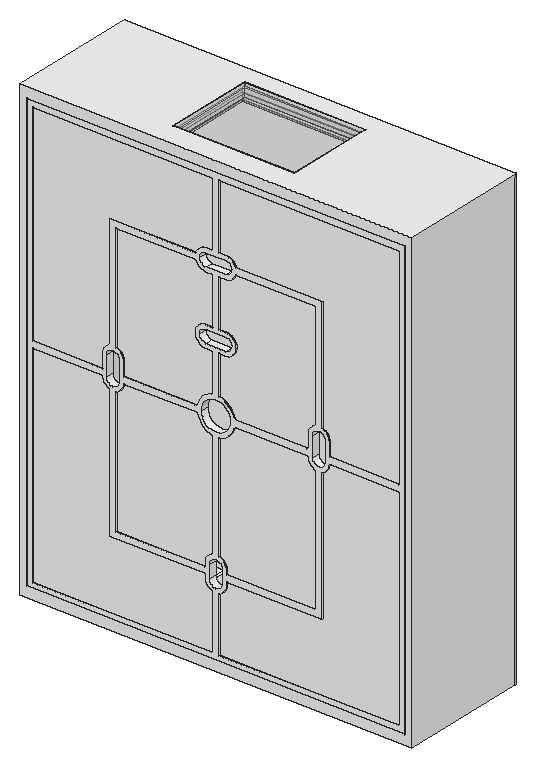
Revit family "STL22735BR_PTO_30", category Luminárias, Revit 2023
Family settings
  Hospedeiro = Parede
  Cota do conector redondo = Utilizar diâmetro
  Tipo de parte = Normal
  Número OmniClass = 23.80.70.00
  Título OmniClass = Lighting
  Sempre na vertical = Sim
  Corte com vazios quando carregada = Não
  Fonte luminosa = Sim
  Manter orientação da anotação = Não
  Compartilhado = Não
  Ponto de cálculo do ambiente = Não
Parameters (values of type "STH22735BR/30 - BRANCO - BIVOLT - 3000K - 40lm")
  Ângulo de inclinação = 90.00°
  Ângulo de Abertura = "2°/2°"
  Wattage = 0.269284 W
  Vidro = Vidro
  URL = "https://stella.com.br/"
  Troca de temperatura da cor de lâmpada com esmaecimento = <Nenhum>
  Tensão Elétrica = "100V-240V"
  built-in parameter 1150107 = 3000 (stored number, unit not read)
  Temperatura da cor (K) = 3000 K
  Referência = "STH22735BR/30"
  Potência = 10 W
  built-in parameter 1150110 = 1 (stored number, unit not read)
  built-in parameter 1150109 = 1 (stored number, unit not read)
  built-in parameter 1114218 = 1 (stored number, unit not read)
  built-in parameter 1150112 = 1 (stored number, unit not read)
  built-in parameter 1150113 = 1 (stored number, unit not read)
  built-in parameter 1150132 = 2
  built-in parameter 1150137 = (empty or 0)
  Modelo = "Wall Plus"
  Luminoso = Luminoso - 3000K
  built-in parameter 1150106 = 0.031831 (stored number, unit not read)
  Largura = 0.04 m
  built-in parameter 1150102 = (empty or 0)
  built-in parameter 1150105 = 3.1831 (stored number, unit not read)
  IRC (Índice de reprodução de cores) = ">80"
  Grau de proteção (IP) = "IP65"
  Fluxo Luminoso = 40 lm
  Color Filter = 16777215
  built-in parameter 1114217 = 1 (stored number, unit not read)
  built-in parameter 1150139 = (empty or 0)
  Fabricante = "Stella"
  Estrutura = Al - Branco
  Default Elevation = 0.00 m
  built-in parameter 1150104 = 13.8 (stored number, unit not read)
  Dimerização = "Não dimerizável"
  built-in parameter 1150115 = 1 (stored number, unit not read)
  built-in parameter 1150114 = 1 (stored number, unit not read)
  Lumens = 40 lm
  built-in parameter 1150138 = (empty or 0)
  built-in parameter 1150134 = (empty or 0)
  Comprimento = 0.12 m
  Arquivo de rede fotométrica = "STL22735BR-30 - WALL PLUS - 2 FACHOS FECHADOS - FACHO 1.ies"
  Altura = 0.14 m
  built-in parameter 1150133 = 10 (stored number, unit not read)
Types (3, lengths in m): name | Referência | Estrutura | Arquivo de rede fotométrica
  (no name) | "STH22735BR/30" | Al - Branco | "STL22735BR-30 - WALL PLUS - 2 FACHOS FECHADOS - FACHO 1.ies"
  STH22735BR/30 - BRANCO - BIVOLT - 3000K - 40lm | "STH22735BR/30" | Al - Branco | "STL22735BR-30 - WALL PLUS - 2 FACHOS FECHADOS - FACHO 1.ies"
  STH22735PTO/30 - PRETO - BIVOLT - 3000K - 40lm | "STH22735PTO/30" | Al - Preto | "STL22735BR-30 - WALL PLUS - 2 FACHOS FECHADOS - FACHO 2.ies"
Reference planes (m)
  plane 1: y = 0
  plane 2 "Eixo de origem da luz (F/T)": y = 0.1132
  plane 3 "Plano de inclinação da fonte de luz": x = -0.036356
  plane 4 "Elevação da origem da luz": z = 1
  plane 5: x = 0.023644
  plane 6: x = -0.096356
  plane 7: y = 0.1432
  plane 8 "Superior": z = 1.07
  plane 9: z = 0.93
  plane 10 "Centro": z = 1
  plane 11: y = 0.1032
Forms (m)
  Extrusion 1, solid, material "Al - Branco" <- "Estrutura"
    sketch origin (0, 0, 1) x (0, 1, 0) y (-1, 0, 0)
      loop
        arc (0.1432, 0.095756) -> (0.143024, 0.09618) -> (0.1426, 0.096356) r 0.0006
        line (0.1426, 0.096356) -> (0.1032, 0.096356) -> (0.1032, -0.023644) -> (0.1426, -0.023644)
        arc (0.1426, -0.023644) -> (0.143024, -0.023469) -> (0.1432, -0.023044) r 0.0006
        line (0.1432, -0.023044) -> (0.1432, 0.095756)
      loop
        line (0.1414, 0.094356) -> (0.1055, 0.094356) -> (0.1055, -0.021644) -> (0.1414, -0.021644) -> (0.1414, 0.094356)
    from -0.07 to 0.07
  Extrusion 2, void
    sketch origin (-0.036356, -0.000539, 0) x (0, -1, 0) y (0, 0, 1)
      loop
        line (-0.109918, 0.943425) -> (-0.118046, 0.943425) -> (-0.117117, 0.942369) -> (-0.110846, 0.942369) -> (-0.109918, 0.943425)
      loop
        line (-0.110846, 0.941099) -> (-0.117117, 0.941099) -> (-0.117117, 0.940027) -> (-0.110846, 0.940027) -> (-0.110846, 0.941099)
      loop
        line (-0.109918, 0.9377) -> (-0.110846, 0.938756) -> (-0.117117, 0.938756) -> (-0.118046, 0.9377) -> (-0.109918, 0.9377)
    from 0.0594 to 0.06
  Extrusion 3, void
    sketch origin (0, 0.1132, 0) x (1, 0, 0) y (0, 0, 1)
      loop
        line (0.021644, 1.067) -> (-0.094356, 1.067) -> (-0.094356, 0.933) -> (0.021644, 0.933) -> (0.021644, 1.067)
    from 0.0077 to 0.01
  Extrusion 4, solid, material "Al - Branco" <- "Estrutura"
    sketch origin (0, 0.1132, 0) x (1, 0, 0) y (0, 0, 1)
      loop
        line (0.021544, 1.0669) -> (-0.094256, 1.0669) -> (-0.094256, 0.9331) -> (0.021544, 0.9331) -> (0.021544, 1.0669)
    from 0.0077 to 0.01
  Extrusion 5, void
    sketch origin (-0.072711, 0.1132, 2) x (-1, 0, 0) y (0, 0, -1)
      loop
        line (-0.035456, 1.0653) -> (-0.035456, 1.048371)
        arc (-0.035456, 1.048371) -> (-0.033794, 1.047218) -> (-0.033156, 1.0453) r 0.0032
        line (-0.033156, 1.0453) -> (-0.033156, 1.0442) -> (-0.00396, 1.0442) -> (-0.00396, 1.004048)
        arc (-0.00396, 1.004048) -> (-0.002289, 1.00289) -> (-0.001647, 1.000962) r 0.003215
        line (-0.001647, 1.000962) -> (0.019744, 1.000962) -> (0.019744, 1.0653) -> (-0.035456, 1.0653)
      loop
        line (-0.037256, 1.0653) -> (-0.092456, 1.0653) -> (-0.092456, 1.000962) -> (-0.071065, 1.000962)
        arc (-0.071065, 1.000962) -> (-0.070422, 1.00289) -> (-0.068751, 1.004048) r 0.003215
        line (-0.068751, 1.004048) -> (-0.068751, 1.0442) -> (-0.039556, 1.0442) -> (-0.039556, 1.0453)
        arc (-0.039556, 1.0453) -> (-0.038917, 1.047218) -> (-0.037256, 1.048371) r 0.0032
        line (-0.037256, 1.048371) -> (-0.037256, 1.0653)
      loop
        line (0.019744, 0.9991) -> (-0.001656, 0.9991) -> (-0.001656, 0.995)
        arc (-0.001656, 0.995) -> (-0.002294, 0.993082) -> (-0.003956, 0.991929) r 0.0032
        line (-0.003956, 0.991929) -> (-0.003956, 0.9573) -> (-0.030285, 0.9573)
        arc (-0.030285, 0.9573) -> (-0.031437, 0.955639) -> (-0.033356, 0.955) r 0.0032
        line (-0.033356, 0.955) -> (-0.035456, 0.955) -> (-0.035456, 0.9349) -> (0.019744, 0.9349) -> (0.019744, 0.9991)
      loop
        line (-0.092456, 0.9991) -> (-0.092456, 0.9349) -> (-0.037256, 0.9349) -> (-0.037256, 0.955) -> (-0.039356, 0.955)
        arc (-0.039356, 0.955) -> (-0.041274, 0.955639) -> (-0.042426, 0.9573) r 0.0032
        line (-0.042426, 0.9573) -> (-0.068756, 0.9573) -> (-0.068756, 0.991929)
        arc (-0.068756, 0.991929) -> (-0.070417, 0.993082) -> (-0.071056, 0.995) r 0.0032
        line (-0.071056, 0.995) -> (-0.071056, 0.9991) -> (-0.092456, 0.9991)
      loop
        arc (-0.033156, 1.0413) -> (-0.033794, 1.039382) -> (-0.035456, 1.038229) r 0.0032
        line (-0.035456, 1.038229) -> (-0.035456, 1.005628)
        arc (-0.035456, 1.005628) -> (-0.032325, 1.004031) -> (-0.030727, 1.0009) r 0.0057
        line (-0.030727, 1.0009) -> (-0.008056, 1.001)
        arc (-0.008056, 1.001) -> (-0.007417, 1.002918) -> (-0.005756, 1.004071) r 0.0032
        line (-0.005756, 1.004071) -> (-0.005756, 1.0424) -> (-0.033156, 1.0424) -> (-0.033156, 1.0413)
      loop
        arc (-0.037256, 1.038229) -> (-0.038917, 1.039382) -> (-0.039556, 1.0413) r 0.0032
        line (-0.039556, 1.0413) -> (-0.039556, 1.0424) -> (-0.06696, 1.0424) -> (-0.06696, 1.004048)
        arc (-0.06696, 1.004048) -> (-0.065289, 1.00289) -> (-0.064647, 1.000962) r 0.003215
        line (-0.064647, 1.000962) -> (-0.041974, 1.000962)
        arc (-0.041974, 1.000962) -> (-0.040364, 1.004053) -> (-0.037256, 1.005628) r 0.0057
        line (-0.037256, 1.005628) -> (-0.037256, 1.038229)
      loop
        arc (-0.037256, 0.994372) -> (-0.040386, 0.995969) -> (-0.041984, 0.9991) r 0.0057
        line (-0.041984, 0.9991) -> (-0.064656, 0.9991) -> (-0.064656, 0.995)
        arc (-0.064656, 0.995) -> (-0.065294, 0.993082) -> (-0.066956, 0.991929) r 0.0032
        line (-0.066956, 0.991929) -> (-0.066956, 0.9591) -> (-0.042426, 0.9591)
        arc (-0.042426, 0.9591) -> (-0.041274, 0.960761) -> (-0.039356, 0.9614) r 0.0032
        line (-0.039356, 0.9614) -> (-0.037256, 0.9614) -> (-0.037256, 0.976) -> (-0.039356, 0.976)
        arc (-0.039356, 0.976) -> (-0.041618, 0.976937) -> (-0.042556, 0.9792) r 0.0032
        arc (-0.042556, 0.9792) -> (-0.041618, 0.981463) -> (-0.039356, 0.9824) r 0.0032
        line (-0.039356, 0.9824) -> (-0.037256, 0.9824) -> (-0.037256, 0.994372)
      loop
        line (-0.035456, 0.976) -> (-0.035456, 0.9614) -> (-0.033356, 0.9614)
        arc (-0.033356, 0.9614) -> (-0.031437, 0.960761) -> (-0.030285, 0.9591) r 0.0032
        line (-0.030285, 0.9591) -> (-0.005756, 0.9591) -> (-0.005756, 0.991929)
        arc (-0.005756, 0.991929) -> (-0.007417, 0.993082) -> (-0.008056, 0.995) r 0.0032
        line (-0.008056, 0.995) -> (-0.008056, 0.9991) -> (-0.030727, 0.9991)
        arc (-0.030727, 0.9991) -> (-0.032325, 0.995969) -> (-0.035456, 0.994372) r 0.0057
        line (-0.035456, 0.994372) -> (-0.035456, 0.9824) -> (-0.033356, 0.9824)
        arc (-0.033356, 0.9824) -> (-0.030156, 0.9792) -> (-0.033356, 0.976) r 0.0032
        line (-0.033356, 0.976) -> (-0.035456, 0.976)
    from 0.0098 to 0.01
  Extrusion 6, void
    sketch origin (-0.072711, 0.1132, 2) x (-1, 0, 0) y (0, 0, -1)
      loop
        line (-0.038356, 1.0453) -> (-0.038356, 1.0413)
        arc (-0.038356, 1.0413) -> (-0.036356, 1.0393) -> (-0.034356, 1.0413) r 0.002
        line (-0.034356, 1.0413) -> (-0.034356, 1.0453)
        arc (-0.034356, 1.0453) -> (-0.036356, 1.0473) -> (-0.038356, 1.0453) r 0.002
      loop
        circle (-0.036356, 1) r 0.0045
      loop
        line (-0.033356, 0.9812) -> (-0.039356, 0.9812)
        arc (-0.039356, 0.9812) -> (-0.041356, 0.9792) -> (-0.039356, 0.9772) r 0.002
        line (-0.039356, 0.9772) -> (-0.033356, 0.9772)
        arc (-0.033356, 0.9772) -> (-0.031941, 0.977786) -> (-0.031356, 0.9792) r 0.002
        arc (-0.031356, 0.9792) -> (-0.031941, 0.980614) -> (-0.033356, 0.9812) r 0.002
      loop
        line (-0.065856, 0.995) -> (-0.065856, 1.001)
        arc (-0.065856, 1.001) -> (-0.067856, 1.003) -> (-0.069856, 1.001) r 0.002
        line (-0.069856, 1.001) -> (-0.069856, 0.995)
        arc (-0.069856, 0.995) -> (-0.067856, 0.993) -> (-0.065856, 0.995) r 0.002
      loop
        line (-0.002856, 0.995) -> (-0.002856, 1.001)
        arc (-0.002856, 1.001) -> (-0.004856, 1.003) -> (-0.006856, 1.001) r 0.002
        line (-0.006856, 1.001) -> (-0.006856, 0.995)
        arc (-0.006856, 0.995) -> (-0.004856, 0.993) -> (-0.002856, 0.995) r 0.002
      loop
        arc (-0.031356, 0.9582) -> (-0.031941, 0.959614) -> (-0.033356, 0.9602) r 0.002
        line (-0.033356, 0.9602) -> (-0.039356, 0.9602)
        arc (-0.039356, 0.9602) -> (-0.041356, 0.9582) -> (-0.039356, 0.9562) r 0.002
        line (-0.039356, 0.9562) -> (-0.033356, 0.9562)
        arc (-0.033356, 0.9562) -> (-0.031941, 0.956786) -> (-0.031356, 0.9582) r 0.002
    from 0.0077 to 0.01
  Extrusion 7, solid, material "Al - Branco" <- "Estrutura"
    sketch origin (0, 0, 1) x (0, 1, 0) y (-1, 0, 0)
      loop
        line (0.1055, -0.021644) -> (0.1414, -0.021644) -> (0.1414, 0.094356) -> (0.1055, 0.094356) -> (0.1055, -0.021644)
    from -0.07 to -0.069
  Extrusion 8, solid, material "Al - Branco" <- "Estrutura"
    sketch origin (-0.036356, 0, 0) x (0, -1, 0) y (0, 0, 1)
      loop
        line (-0.1055, 1.069) -> (-0.1055, 1.07) -> (-0.1414, 1.07) -> (-0.1414, 1.069) -> (-0.1055, 1.069)
    from -0.058 to 0.058
  Extrusion 9, void
    sketch origin (0, 0, 1) x (0, 1, 0) y (-1, 0, 0)
      loop
        line (0.1373, 0.054956) -> (0.1101, 0.054956) -> (0.1101, 0.017756) -> (0.1373, 0.017756) -> (0.1373, 0.054956)
    from 0.069 to 0.07
  Sweep 10, solid, material "Vidro" <- "Vidro"
    path origin (0, 0, 1) x (0, 1, 0) y (-1, 0, 0)
      loop
        line (0.1102, 0.054806) -> (0.1102, 0.017806) -> (0.1372, 0.017806) -> (0.1372, 0.054806) -> (0.1102, 0.054806)
    profile origin (-0.054806, 0.1237, 1) x (-1, 0, 0) y (0, 0, 1)
      loop
        line (-0.0008, 0.0692) -> (-0.0008, 0.0666) -> (-0.0002, 0.066) -> (0.00205, 0.066) -> (0.00205, 0.063) -> (0.003, 0.063) -> (0.003, 0.067) -> (0, 0.067) -> (0, 0.0692) -> (-0.0008, 0.0692)
  Extrusion 11, solid, material "Vidro" <- "Vidro"
    sketch origin (0, 0, 1) x (0, 1, 0) y (-1, 0, 0)
      loop
        line (0.1102, 0.017806) -> (0.1372, 0.017806) -> (0.1372, 0.054806) -> (0.1102, 0.054806) -> (0.1102, 0.017806)
    from 0.0692 to 0.07
  Sweep 12, solid, material "Vidro" <- "Vidro"
    path origin (0, 0, 1) x (-1, 0, 0) y (0, -1, 0)
      loop
        line (0.054806, -0.1102) -> (0.017806, -0.1102) -> (0.017806, -0.1372) -> (0.054806, -0.1372) -> (0.054806, -0.1102)
    profile origin (-0.054806, 0.1237, 1) x (-1, 0, 0) y (0, 0, 1)
      loop
        line (-0.0008, -0.0692) -> (0, -0.0692) -> (0, -0.067) -> (0.003, -0.067) -> (0.003, -0.063) -> (0.00205, -0.063) -> (0.00205, -0.066) -> (-0.0002, -0.066) -> (-0.0008, -0.0666) -> (-0.0008, -0.0692)
  Extrusion 13, solid, material "Vidro" <- "Vidro"
    sketch origin (0, 0, 1) x (0, 1, 0) y (-1, 0, 0)
      loop
        line (0.1102, 0.017806) -> (0.1372, 0.017806) -> (0.1372, 0.054806) -> (0.1102, 0.054806) -> (0.1102, 0.017806)
    from -0.07 to -0.0692
  Extrusion 14, void
    sketch origin (0, 0, 1) x (0, 1, 0) y (-1, 0, 0)
      loop
        line (0.1373, 0.054956) -> (0.1101, 0.054956) -> (0.1101, 0.017756) -> (0.1373, 0.017756) -> (0.1373, 0.054956)
    from -0.07 to -0.069
Cuts and joins
  Extrusion 2, Extrusion 3, Extrusion 14 cuts Extrusion 1
  Extrusion 14 cuts Extrusion 7
  Extrusion 9, Extrusion 14 cuts Extrusion 8
  joined: Extrusion 1, Extrusion 7, Extrusion 8
  Extrusion 5, Extrusion 6 cuts Extrusion 4
  Extrusion 14 cuts Sweep 10
  Extrusion 14 cuts Extrusion 11
  joined: Sweep 10, Extrusion 11
Text (m)
  text "Lado da colocação" at (0, 1.019848, 2.964603), in view "Direita"
  text "Lado da colocação" at (-0.592662, 0.673012, 0), in view "Nível de referência"
  text "Lado da colocação" at (0, 1.206291, 3.391227), in view "Esquerda"
  text "90 graus" at (-0.2286, 1.737863, 2.019117), in view "Esquerda"
  text "Inclinação da luz de 0 graus" at (-0.2286, 0.870797, 0.30306), in view "Esquerda"
  text "180 graus" at (-0.2286, 0.532154, 2.851909), in view "Esquerda"
Dimensions and locks (m)
  "Comprimento": plane 6 to plane 5
  "Altura": plane 9 to plane 8 "Superior"
  "Largura": plane 7 to plane 11
  aligned and locked: Extrusion 1 to plane 9
  aligned and locked: plane 8 "Superior" to Extrusion 1
Automatic sketch dimensions
  Extrusion 1 sketch curve to host wall = 0.00 m
  Extrusion 1 sketch curve to plane 6 = 0.00 m
  Extrusion 1 sketch curve to plane 5 = 0.00 m
  Extrusion 1 sketch curve to plane 7 = 0.00 m
  host wall to Extrusion 1 sketch curve = 0.0023 m
  Extrusion 1 sketch curve to plane 7 = 0.0018 m
  Extrusion 1 sketch curve to plane 7 = 0.0006 m
  Extrusion 1 sketch curve to plane 5 = 0.0006 m
  Extrusion 1 sketch curve to Extrusion 1 sketch curve = 0.0014 m
  plane 6 to Extrusion 1 sketch curve = 0.002 m
  Extrusion 2 sketch curve to plane 2 "Eixo de origem da luz (F/T)" = 0.004307 m  (x2)
  Extrusion 2 sketch curve to Extrusion 2 sketch curve = 0.000928 m  (x4)
  Extrusion 2 sketch curve to Extrusion 2 sketch curve = 0.00 m  (x3)
  plane 2 "Eixo de origem da luz (F/T)" to Extrusion 2 sketch curve = 0.002893 m
  plane 9 to Extrusion 2 sketch curve = 0.0077 m
  Extrusion 2 sketch curve to Extrusion 2 sketch curve = 0.001056 m  (x2)
  Extrusion 2 sketch curve to Extrusion 2 sketch curve = 0.00127 m  (x2)
  Extrusion 2 sketch curve to Extrusion 2 sketch curve = 0.001072 m
  plane 6 to Extrusion 3 sketch curve = 0.002 m
  Extrusion 3 sketch curve to plane 5 = 0.002 m
  plane 9 to Extrusion 3 sketch curve = 0.003 m
  Extrusion 3 sketch curve to plane 8 "Superior" = 0.003 m
  plane 6 to Extrusion 4 sketch curve = 0.0021 m
  Extrusion 4 sketch curve to plane 5 = 0.0021 m
  plane 9 to Extrusion 4 sketch curve = 0.0031 m
  Extrusion 4 sketch curve to plane 8 "Superior" = 0.0031 m
  Extrusion 5 sketch curve to Extrusion 5 sketch curve = 0.00 m  (x35)
  plane 3 "Plano de inclinação da fonte de luz" to Extrusion 5 sketch curve = 0.00 m  (x3)
  Extrusion 5 sketch curve to plane 4 "Elevação da origem da luz" = 0.00 m
  Extrusion 5 sketch curve to plane 3 "Plano de inclinação da fonte de luz" = 0.0009 m  (x5)
  Extrusion 5 sketch curve to plane 3 "Plano de inclinação da fonte de luz" = 0.003 m  (x2)
  Extrusion 5 sketch curve to Extrusion 5 sketch curve = 0.0032 m  (x5)
  plane 4 "Elevação da origem da luz" to Extrusion 5 sketch curve = 0.000962 m  (x3)
  Extrusion 5 sketch curve to plane 3 "Plano de inclinação da fonte de luz" = 0.005618 m
  Extrusion 5 sketch curve to plane 4 "Elevação da origem da luz" = 0.0009 m  (x4)
  Extrusion 5 sketch curve to Extrusion 5 sketch curve = 0.00001 m
  Extrusion 5 sketch curve to Extrusion 5 sketch curve = 0.003071 m  (x2)
  Extrusion 5 sketch curve to Extrusion 5 sketch curve = 0.022673 m
  Extrusion 5 sketch curve to Extrusion 5 sketch curve = 0.000009 m  (x3)
  Extrusion 5 sketch curve to Extrusion 5 sketch curve = 0.024529 m
  Extrusion 5 sketch curve to Extrusion 5 sketch curve = 0.027404 m
  Extrusion 5 sketch curve to Extrusion 5 sketch curve = 0.003203 m
  Extrusion 5 sketch curve to Extrusion 5 sketch curve = 0.000012 m
  Extrusion 5 sketch curve to Extrusion 5 sketch curve = 0.001791 m
  Extrusion 5 sketch curve to Extrusion 5 sketch curve = 0.0018 m  (x6)
  Extrusion 5 sketch curve to Extrusion 5 sketch curve = 0.003194 m  (x2)
  Extrusion 5 sketch curve to plane 5 = 0.0039 m  (x2)
  plane 3 "Plano de inclinação da fonte de luz" to Extrusion 5 sketch curve = 0.0009 m  (x5)
  plane 3 "Plano de inclinação da fonte de luz" to Extrusion 5 sketch curve = 0.003 m  (x2)
  plane 3 "Plano de inclinação da fonte de luz" to Extrusion 5 sketch curve = 0.0032 m
  plane 4 "Elevação da origem da luz" to Extrusion 5 sketch curve = 0.0009 m
  plane 3 "Plano de inclinação da fonte de luz" to Extrusion 5 sketch curve = 0.005628 m
  Extrusion 5 sketch curve to Extrusion 5 sketch curve = 0.022672 m
  plane 4 "Elevação da origem da luz" to Extrusion 5 sketch curve = 0.001 m
  Extrusion 5 sketch curve to Extrusion 5 sketch curve = 0.0023 m  (x4)
  Extrusion 5 sketch curve to Extrusion 5 sketch curve = 0.000006 m
  Extrusion 5 sketch curve to Extrusion 5 sketch curve = 0.001796 m
  Extrusion 5 sketch curve to Extrusion 5 sketch curve = 0.003206 m
  plane 6 to Extrusion 5 sketch curve = 0.0039 m
  Extrusion 5 sketch curve to Extrusion 5 sketch curve = 0.007171 m  (x2)
  Extrusion 5 sketch curve to Extrusion 5 sketch curve = 0.011972 m
  Extrusion 5 sketch curve to Extrusion 5 sketch curve = 0.0146 m
  Extrusion 5 sketch curve to plane 8 "Superior" = 0.0049 m  (x2)
  plane 9 to Extrusion 5 sketch curve = 0.031771 m
  Extrusion 5 sketch curve to Extrusion 5 sketch curve = 0.0011 m  (x3)
  plane 9 to Extrusion 5 sketch curve = 0.0047 m  (x2)
  Extrusion 6 sketch curve to Extrusion 6 sketch curve = 0.00 m  (x6)
  Extrusion 6 sketch curve to plane 4 "Elevação da origem da luz" = 0.00 m
  plane 3 "Plano de inclinação da fonte de luz" to Extrusion 6 sketch curve = 0.00 m  (x2)
  Extrusion 6 sketch curve to Extrusion 6 sketch curve = 0.002 m  (x5)
  Extrusion 6 sketch curve to plane 3 "Plano de inclinação da fonte de luz" = 0.003 m  (x2)
  Extrusion 6 sketch curve to plane 4 "Elevação da origem da luz" = 0.005 m  (x2)
  Extrusion 6 sketch curve to plane 3 "Plano de inclinação da fonte de luz" = 0.0295 m
  plane 4 "Elevação da origem da luz" to Extrusion 6 sketch curve = 0.001 m  (x2)
  plane 3 "Plano de inclinação da fonte de luz" to Extrusion 6 sketch curve = 0.003 m  (x2)
  plane 3 "Plano de inclinação da fonte de luz" to Extrusion 6 sketch curve = 0.0295 m
  Extrusion 6 sketch curve to plane 4 "Elevação da origem da luz" = 0.0188 m
  Extrusion 6 sketch curve to Extrusion 6 sketch curve = 0.017 m
  plane 9 to Extrusion 6 sketch curve = 0.0287 m
  Extrusion 6 sketch curve to Extrusion 6 sketch curve = 0.004 m
  Extrusion 6 sketch curve to plane 3 "Plano de inclinação da fonte de luz" = 0.0045 m
  host wall to Extrusion 7 sketch curve = 0.0023 m
  Extrusion 7 sketch curve to plane 7 = 0.0018 m
  Extrusion 7 sketch curve to plane 5 = 0.002 m
  plane 6 to Extrusion 7 sketch curve = 0.002 m
  Extrusion 8 sketch curve to plane 8 "Superior" = 0.00 m
  Extrusion 8 sketch curve to plane 7 = 0.0018 m
  host wall to Extrusion 8 sketch curve = 0.0023 m
  Extrusion 8 sketch curve to plane 8 "Superior" = 0.001 m
  plane 2 "Eixo de origem da luz (F/T)" to Extrusion 9 sketch curve = 0.0031 m
  Extrusion 9 sketch curve to plane 7 = 0.0059 m
  Extrusion 9 sketch curve to plane 3 "Plano de inclinação da fonte de luz" = 0.0186 m
  plane 3 "Plano de inclinação da fonte de luz" to Extrusion 9 sketch curve = 0.0186 m
  plane 2 "Eixo de origem da luz (F/T)" to Sweep 10 sketch curve = 0.003 m
  Sweep 10 sketch curve to plane 7 = 0.006 m
  Sweep 10 sketch curve to plane 3 "Plano de inclinação da fonte de luz" = 0.01855 m
  plane 3 "Plano de inclinação da fonte de luz" to Sweep 10 sketch curve = 0.01845 m
  Sweep 10 sketch curve to profile plane = 0.00 m
  profile plane to Sweep 10 sketch curve = 0.0002 m
  Sweep 10 sketch curve to Sweep 10 sketch curve = 0.0008 m
  Sweep 10 sketch curve to profile plane = 0.00205 m
  Sweep 10 sketch curve to Sweep 10 sketch curve = 0.00095 m
  Sweep 10 sketch curve to plane 4 "Elevação da origem da luz" = 0.063 m
  Sweep 10 sketch curve to Sweep 10 sketch curve = 0.003 m
  Sweep 10 sketch curve to Sweep 10 sketch curve = 0.0006 m
  Sweep 10 sketch curve to Sweep 10 sketch curve = 0.001 m
  Sweep 10 sketch curve to Sweep 10 sketch curve = 0.0022 m
  plane 2 "Eixo de origem da luz (F/T)" to Extrusion 11 sketch curve = 0.003 m
  Extrusion 11 sketch curve to plane 7 = 0.006 m
  Extrusion 11 sketch curve to plane 3 "Plano de inclinação da fonte de luz" = 0.01855 m
  plane 3 "Plano de inclinação da fonte de luz" to Extrusion 11 sketch curve = 0.01845 m
  plane 2 "Eixo de origem da luz (F/T)" to Sweep 12 sketch curve = 0.003 m
  Sweep 12 sketch curve to plane 3 "Plano de inclinação da fonte de luz" = 0.01855 m
  Sweep 12 sketch curve to plane 7 = 0.006 m
  plane 3 "Plano de inclinação da fonte de luz" to Sweep 12 sketch curve = 0.01845 m
  Sweep 12 sketch curve to profile plane = 0.00 m
  profile plane to Sweep 12 sketch curve = 0.0002 m
  Sweep 12 sketch curve to Sweep 12 sketch curve = 0.0008 m
  Sweep 12 sketch curve to profile plane = 0.00205 m
  Sweep 12 sketch curve to Sweep 12 sketch curve = 0.00095 m
  Sweep 12 sketch curve to profile plane = 0.0692 m
  Sweep 12 sketch curve to Sweep 12 sketch curve = 0.0022 m
  Sweep 12 sketch curve to Sweep 12 sketch curve = 0.0004 m
  Sweep 12 sketch curve to Sweep 12 sketch curve = 0.0006 m
  Sweep 12 sketch curve to Sweep 12 sketch curve = 0.003 m
  plane 2 "Eixo de origem da luz (F/T)" to Extrusion 13 sketch curve = 0.003 m
  Extrusion 13 sketch curve to plane 7 = 0.006 m
  Extrusion 13 sketch curve to plane 3 "Plano de inclinação da fonte de luz" = 0.01855 m
  plane 3 "Plano de inclinação da fonte de luz" to Extrusion 13 sketch curve = 0.01845 m
  plane 2 "Eixo de origem da luz (F/T)" to Extrusion 14 sketch curve = 0.0031 m
  Extrusion 14 sketch curve to plane 7 = 0.0059 m
  Extrusion 14 sketch curve to plane 5 = 0.0414 m
  Extrusion 14 sketch curve to plane 5 = 0.0786 m
Nested families (m)
  nested 1: "Fluxo Luminoso_Way Plus STL22735" at (-0.036356, 0.123799, 1.0303), type "Fluxo Luminoso_Way Plus STL22735"
Connectors (m)
  electrical at (-0.036356, 0.1232, 1)
    settings: index 1, voltage 0 V, apparent load 0 VA, apparent load phase1 0 VA, apparent load phase2 0 VA, apparent load phase3 0 VA, power factor 1, load classification "Outro", number of poles 1, system type 31, power factor state 1, is connector primary yes, connector utility no, sub classification motor no, connector description ""
Definition of nested family "Fluxo Luminoso_Way Plus STL22735"
  Parameters (values of type "Fluxo Luminoso_Way Plus STL22735")
    Wattage = 0.269284 W
    built-in parameter 1150110 = 1 (stored number, unit not read)
    built-in parameter 1114217 = 1 (stored number, unit not read)
    built-in parameter 1150109 = 1 (stored number, unit not read)
    Default Elevation = 0.00 m
    built-in parameter 1150134 = (empty or 0)
    built-in parameter 1150113 = 1 (stored number, unit not read)
    Lumens = 40 lm
    Tilt Angle = 90.00°
    built-in parameter 1150115 = 1 (stored number, unit not read)
    built-in parameter 1150105 = 2061.5 (stored number, unit not read)
    built-in parameter 1150137 = (empty or 0)
    built-in parameter 1150139 = (empty or 0)
    built-in parameter 1150112 = 1 (stored number, unit not read)
    built-in parameter 1150114 = 1 (stored number, unit not read)
    built-in parameter 1150132 = 2
    built-in parameter 1150102 = (empty or 0)
    built-in parameter 1150138 = (empty or 0)
    built-in parameter 1150107 = 3000 (stored number, unit not read)
    built-in parameter 1150106 = 20.615 (stored number, unit not read)
    built-in parameter 1150104 = 13.8 (stored number, unit not read)
    Dimming Lamp Color Temperature Shift = (empty or 0)
    Color Filter = 16777215
    built-in parameter 1114218 = 1 (stored number, unit not read)
    Photometric Web File = "STL22735BR-30 - WALL PLUS - 2 FACHOS FECHADOS - FACHO 1.ies"
    built-in parameter 1150133 = 10 (stored number, unit not read)
  Reference planes (m)
    plane 1 "Plano de inclinação (F/T)": y = 0
    plane 2: z = 0
    plane 3 "Eixo de origem da luz (E/D)": x = 0
    plane 4 "Elevação da origem da luz": z = 1.3716
  Text (m)
    text "Ângulo de inclinação de 0 graus" at (0.809978, -4.572, 1.586413), in view "Parte frontal"
    text "90" at (-0.194597, -4.572, 2.488248), in view "Parte frontal"
    text "180" at (-1.13068, -4.572, 1.586413), in view "Parte frontal"
    text "270" at (-0.320169, -4.572, 0.456265), in view "Parte frontal"
    text "Ângulo de inclinação de 0 graus" at (1.952354, 4.572, 1.54298), in view "Parte posterior"
    text "180" at (-0.876627, 4.572, 1.524796), in view "Parte posterior"
    text "90" at (0.296375, 4.572, 2.698908), in view "Parte posterior"
    text "270" at (0.421947, 4.572, 0.666926), in view "Parte posterior"
  Dimensions and locks (m)
    aligned and locked: plane 3 "Eixo de origem da luz (E/D)" to imposter light
    aligned and locked: level to plane 2
